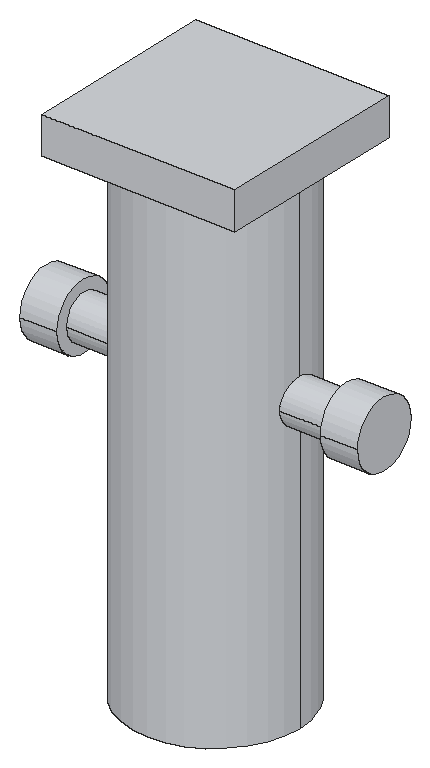
Revit family "M_Filtro cesto - 10-80 mm - Rosqueado", category Acessórios do tubo, Revit 2019
Family settings
  Cota do conector redondo = Usar raio
  Tipo de parte = Quebra em
  Número OmniClass = 23.65.55.14
  Título OmniClass = Valves for Liquid Services
  ID de item do Seek = Basket Strainer - 10-80 mm - Threaded-0000-CAN-ENU
  Com base no plano de trabalho = Não
  Sempre na vertical = Sim
  Corte com vazios quando carregada = Não
  Compartilhado = Não
Parameters (values of type "10 mm")
  Material do filtro = none
  Comprimento do filtro = 115 mm
  Raio externo = 0.5 * Diâmetro externo  # 7.5 mm
  Diâmetro externo = 1.5 * Diâmetro nominal  # 15 mm
  Raio nominal = 5 mm
  Diâmetro nominal = Raio nominal * 2  # 10 mm
  K Coefficient = 0.04
  Comprimento de meio filtro = 0.5 * Comprimento do filtro  # 57.5 mm
  Largura da meia flange = 0.5 * Largura da flange  # 32.75 mm
  Largura da flange = Diâmetro externo do cesto + 8 mm  # 65.5 mm
  Raio externo da flange = 0.5 * Diâmetro externo da flange  # 11.25 mm
  Diâmetro externo da flange = 1.5 * Diâmetro externo  # 22.5 mm
  C1 Deslocamento 2 = 100 mm
  C1 Deslocamento 1 = 80 mm
  Raio externo do cesto = 0.5 * Diâmetro externo do cesto  # 28.75 mm
  Diâmetro externo do cesto = 0.5 * Comprimento do filtro  # 57.5 mm
Types (10, lengths in mm): name | Comprimento do filtro | Raio externo | Diâmetro externo | Raio nominal | Diâmetro nominal | K Coefficient | Comprimento de meio filtro | Largura da meia flange | Largura da flange | Raio externo da flange | Diâmetro externo da flange | C1 Deslocamento 2 | C1 Deslocamento 1 | Raio externo do cesto | Diâmetro externo do cesto
  (no name) | 115 | 7.5 | 15 | 5 | 10 | 0.04 | 57.5 | 32.75 | 65.5 | 11.25 | 22.5 | 100 | 80 | 28.75 | 57.5
  40 mm | 160 | 30 | 60 | 20 | 40 | 3.59 | 80 | 44 | 88 | 45 | 90 | 165 | 105 | 40 | 80
  32 mm | 175 | 24 | 48 | 16 | 32 | 1.73 | 87.5 | 47.75 | 95.5 | 36 | 72 | 165 | 105 | 43.75 | 87.5
  25 mm | 110 | 18.75 | 37.5 | 12.5 | 25 | 2.25 | 55 | 31.5 | 63 | 28.125 | 56.25 | 125 | 75 | 27.5 | 55
  15 mm | 115 | 11.25 | 22.5 | 7.5 | 15 | 0.14 | 57.5 | 32.75 | 65.5 | 16.875 | 33.75 | 100 | 80 | 28.75 | 57.5
  65 mm | 245 | 48.75 | 97.5 | 32.5 | 65 | 4.44 | 122.5 | 65.25 | 130.5 | 73.125 | 146.25 | 222 | 102 | 61.25 | 122.5
  50 mm | 200 | 37.5 | 75 | 25 | 50 | 4.59 | 100 | 54 | 108 | 56.25 | 112.5 | 200 | 120 | 50 | 100
  80 mm | 280 | 60 | 120 | 40 | 80 | 1.74 | 140 | 74 | 148 | 90 | 180 | 290 | 150 | 70 | 140
  20 mm | 115 | 15 | 30 | 10 | 20 | 0.71 | 57.5 | 32.75 | 65.5 | 22.5 | 45 | 100 | 80 | 28.75 | 57.5
  10 mm | 115 | 7.5 | 15 | 5 | 10 | 0.04 | 57.5 | 32.75 | 65.5 | 11.25 | 22.5 | 100 | 80 | 28.75 | 57.5
Reference planes
  plane 1 "Centro (Frente/Trás)": y = 0
  plane 2: z = 0
  plane 3 "Centro (Esquerda/Direita)": x = 0
  plane 4: x = -57.5
  plane 5: x = 57.5
  plane 6: z = -100
  plane 7: z = 80
  plane 8: z = 67.3
  plane 9: x = -44.8
  plane 10: x = 44.8
  plane 11: y = 32.75
  plane 12: y = -32.75
  plane 13: y = -58.15
  plane 14: y = 58.15
Forms (mm)
  Extrusion 1, solid, material <- "Material do filtro", detail levels fine
    sketch origin (0, 0, 0) x (0, 1, 0) y (0, 0, 1)
      loop
        circle (0, 0) r 7.5
    from -44.8 to 44.8
  Extrusion 2, solid, material <- "Material do filtro", detail levels fine
    sketch origin (0, 0, 0) x (1, 0, 0) y (0, 1, 0)
      loop
        circle (0, 0) r 28.75
    from -100 to 67.3
  Extrusion 3, solid, material <- "Material do filtro", detail levels fine
    sketch origin (0, 0, 0) x (1, 0, 0) y (0, 1, 0)
      loop
        line (-32.75, 32.75) -> (-32.75, -32.75) -> (32.75, -32.75) -> (32.75, 32.75) -> (-32.75, 32.75)
    from 67.3 to 80
  Extrusion 4, solid, material <- "Material do filtro", detail levels fine
    sketch origin (0, 0, 0) x (0, 1, 0) y (0, 0, 1)
      loop
        circle (0, 0) r 11.25
    from -57.5 to -44.8
  Extrusion 5, solid, material <- "Material do filtro", detail levels fine
    sketch origin (0, 0, 0) x (0, 1, 0) y (0, 0, 1)
      loop
        circle (0, 0) r 11.25
    from 44.8 to 57.5
Cuts and joins
  joined: Extrusion 1, Extrusion 2, Extrusion 3, Extrusion 4, Extrusion 5
Lines and regions (mm)
  model lines, detail levels coarse+medium
    curve 1: line (-57.5, 32.75, 0) -> (57.5, 32.75, 0)
    curve 2: line (-57.5, 32.75, 0) -> (-57.5, -58.15, 0)
    curve 3: line (57.5, 32.75, 0) -> (57.5, -58.15, 0)
    curve 4: arc (-57.5, -58.15, 0) -> (0, -115.65, 0) -> (57.5, -58.15, 0) r 57.5
    curve 5: line (-57.5, 58.15, 0) -> (57.5, 58.15, 0)
    curve 6: line (0, 58.15, 0) -> (0, 32.75, 0)
Dimensions and locks
  "Comprimento de meio filtro": plane 4 to plane 3 "Centro (Esquerda/Direita)"
  "Comprimento de meio filtro": plane 3 "Centro (Esquerda/Direita)" to plane 5
  "C1 Deslocamento 2": plane 2 to plane 6
  "C1 Deslocamento 1": plane 7 to plane 2
  locked: plane 7 to plane 8 at 12.7
  locked: plane 4 to plane 9 at 12.7
  locked: plane 10 to plane 5 at 12.7
  equal spacing: Extrusion 3 sketch curve, plane 1 "Centro (Frente/Trás)", Extrusion 3 sketch curve
  "Largura da meia flange": plane 1 "Centro (Frente/Trás)" to Extrusion 3 sketch curve
  equal spacing: Extrusion 3 sketch curve, plane 3 "Centro (Esquerda/Direita)", Extrusion 3 sketch curve
  "Largura da meia flange": Extrusion 3 sketch curve to plane 3 "Centro (Esquerda/Direita)"
  "Largura da meia flange": plane 11 to plane 1 "Centro (Frente/Trás)"
  "Largura da meia flange": plane 1 "Centro (Frente/Trás)" to plane 12
  locked: plane 12 to plane 13 at 25.4
  locked: plane 14 to plane 11 at 25.4
  "Raio externo": radius of Extrusion 1 sketch curve
  "Raio externo do cesto": radius of Extrusion 2 sketch curve
  "Raio externo da flange": radius of Extrusion 4 sketch curve
  "Raio externo da flange": radius of Extrusion 5 sketch curve
  aligned and locked: plane 1 "Centro (Frente/Trás)" to Extrusion 1 sketch curve
  aligned and locked: plane 2 to Extrusion 1 sketch curve
  aligned and locked: plane 3 "Centro (Esquerda/Direita)" to Extrusion 2 sketch curve
  aligned and locked: plane 1 "Centro (Frente/Trás)" to Extrusion 2 sketch curve
  aligned and locked: Extrusion 2 to plane 6
  aligned and locked: plane 8 to Extrusion 2
  aligned and locked: Extrusion 1 to plane 10
  aligned and locked: Extrusion 1 to plane 9
  aligned and locked: Extrusion 3 to plane 8
  aligned and locked: Extrusion 3 to plane 7
  aligned and locked: plane 1 "Centro (Frente/Trás)" to Extrusion 4 sketch curve
  aligned and locked: plane 2 to Extrusion 4 sketch curve
  aligned and locked: Extrusion 4 to plane 4
  aligned and locked: plane 9 to Extrusion 4
  aligned and locked: plane 1 "Centro (Frente/Trás)" to Extrusion 5 sketch curve
  aligned and locked: plane 2 to Extrusion 5 sketch curve
  aligned and locked: plane 10 to Extrusion 5
  aligned and locked: Extrusion 5 to plane 5
  aligned and locked: curve 1 to plane 11
  aligned and locked: plane 5 to curve 1
  aligned and locked: curve 2 to plane 4
  aligned and locked: plane 3 "Centro (Esquerda/Direita)" to curve 4
  aligned and locked: plane 13 to curve 4  (x2)
  aligned and locked: plane 13 to curve 3
  aligned and locked: curve 5 to plane 14
  aligned and locked: plane 5 to curve 5
  aligned and locked: plane 4 to curve 5
  aligned and locked: curve 6 to plane 3 "Centro (Esquerda/Direita)"
  aligned and locked: plane 14 to curve 6
  aligned and locked: plane 11 to curve 6
Connectors
  piping at (-57.5, 0, 0), diameter 10, driven by "Raio nominal"
    settings: on Extrusion 4, index 1, connector inside diameter 10 mm, connector length 0 mm, flow factor 0, pipe flow 0.0 L/s, pressure drop 0.0 Pa, fitting loss kfactor 0, connector angle 0.00°, fixture units 0, engagement length 0 mm, angle of deflection 0.00°, flow configuration 0, flow direction 0, fitting loss method 2, system type 29, joint type 0, gender type 0, connector reference index 2, connector utility 0, adjustable connector no, is connector primary yes, connector description "In"
  piping at (57.5, 0, 0), diameter 10, driven by "Raio nominal", driven by "K Coefficient"
    settings: on Extrusion 5, index 2, connector inside diameter 10 mm, connector length 0 mm, flow factor 0, pipe flow 0.0 L/s, pressure drop 0.0 Pa, fitting loss kfactor 0.04, connector angle 0.00°, fixture units 0, engagement length 0 mm, angle of deflection 0.00°, flow configuration 0, flow direction 0, fitting loss method 2, system type 29, joint type 0, gender type 0, connector reference index 1, connector utility 0, adjustable connector no, is connector primary no, connector description "Saída"
